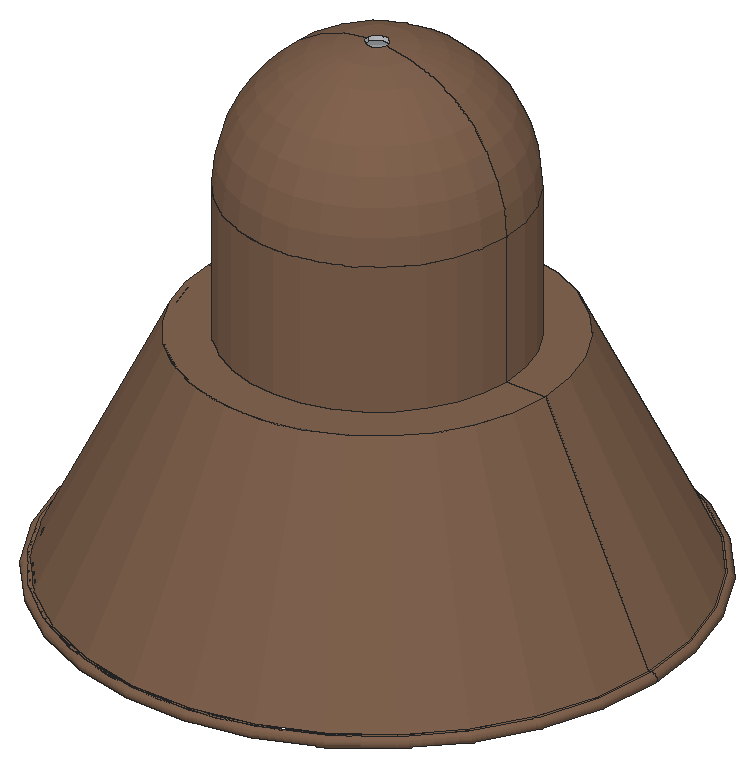
Revit family "SBH14 SHADE", category Lighting Fixtures, Revit 2024
Family settings
  Round Connector Dimension = Use Diameter
  Part Type = Normal
  OmniClass Number = 23.80.70.00
  OmniClass Title = Lighting
  Work Plane-Based = No
  Always vertical = Yes
  Cut with Voids When Loaded = No
  Light Source = Yes
  Maintain Annotation Orientation = No
  Shared = No
  Room Calculation Point = No
Parameters
  Wattage = 12.1178 W
  built-in parameter 1150110 = 1 (stored number, unit not read)
  built-in parameter 1114217 = 1 (stored number, unit not read)
  built-in parameter 1150109 = 1 (stored number, unit not read)
  built-in parameter 1150134 = (empty or 0)
  built-in parameter 1150113 = 1 (stored number, unit not read)
  Lumens = 1800 lm
  built-in parameter 1150115 = 1 (stored number, unit not read)
  built-in parameter 1150105 = 572.96 (stored number, unit not read)
  Light Source Symbol Size = 2' - 0"
  built-in parameter 1150137 = (empty or 0)
  built-in parameter 1150139 = (empty or 0)
  built-in parameter 1150112 = 1 (stored number, unit not read)
  built-in parameter 1150114 = 1 (stored number, unit not read)
  built-in parameter 1150132 = 2
  built-in parameter 1150102 = (empty or 0)
  built-in parameter 1150138 = (empty or 0)
  built-in parameter 1150107 = 3000 (stored number, unit not read)
  built-in parameter 1150106 = 5.7296 (stored number, unit not read)
  built-in parameter 1150104 = 13.8 (stored number, unit not read)
  Dimming Lamp Color Temperature Shift = (empty or 0)
  Default Elevation = 0' - 0"
  Color Filter = 16777215
  built-in parameter 1114218 = 1 (stored number, unit not read)
  built-in parameter 1150133 = 10 (stored number, unit not read)
Reference planes (in)
  plane 1 "Light Source Axis (F/B)": y = 0
  plane 2: z = 0
  plane 3 "Light Source Axis (L/R)": x = 0
  plane 4 "Light Source Elevation": z = 84
Forms (in)
  Revolve 1, solid
    sketch origin (0, 0, 0) x (1, 0, 0) y (0, 0, 1)
      loop
        line (-6.75432, 84.15758) -> (-4.16008, 89.40625) -> (-3.15625, 89.40625) -> (-3.15625, 92.75)
        arc (-3.15625, 92.75) -> (-2.31851, 94.89159) -> (-0.25, 95.89633) r 3.15625
        line (-0.25, 95.89633) -> (-0.25, 95.99037)
        arc (-0.25, 95.99037) -> (-2.38485, 94.95794) -> (-3.25, 92.75) r 3.25
        line (-3.25, 92.75) -> (-3.25, 89.5) -> (-4.21832, 89.5) -> (-6.81322, 84.25) -> (-6.875, 84.25)
        arc (-6.875, 84.25) -> (-6.951, 84.02576) -> (-6.75432, 84.15758) r 0.125
      loop
        line (-2.09042, 91.48182) -> (-2.09042, 86.16167)
        arc (-2.09042, 86.16167) -> (-1.47815, 84.68352) -> (0, 84.07125) r 2.09042
        line (0, 84.07125) -> (0, 84.165)
        arc (0, 84.165) -> (-1.41186, 84.74981) -> (-1.99667, 86.16167) r 1.99667
        line (-1.99667, 86.16167) -> (-1.99667, 91.48182) -> (-2.09042, 91.48182)
      axis (0, 95.99037) -> (0, 84.07125)
    angle from 0 to 360
Dimensions and locks (in)
  aligned and locked: plane 3 "Light Source Axis (L/R)" to imposter light
  aligned and locked: plane 1 "Light Source Axis (F/B)" to imposter light
  aligned and locked: plane 4 "Light Source Elevation" to imposter light
  aligned and locked: level to plane 2
